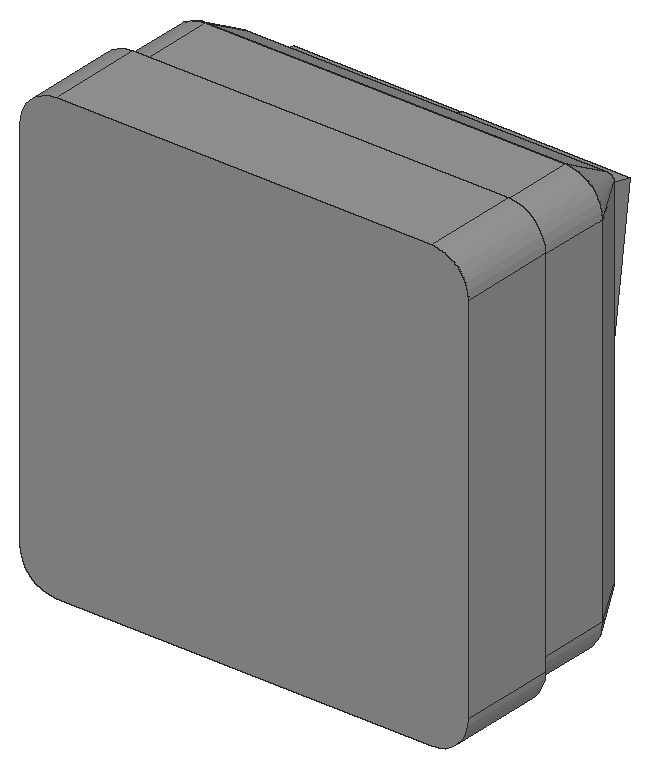
Revit family "IEK_Выключатель_ОткрытойУстановки_С Инд 10А двухклавишный IP20_ОКТАВА", category Выключатели, Revit 2019
Family settings
  Сохранять ориентацию аннотаций = Да
  Размер круглого соединителя = Использовать диаметр
  Тип детали = Переключатель
  На основе рабочей плоскости = Нет
  Всегда вертикально = Да
  При загрузке вырезать с полостями = Нет
  Общий = Нет
  Точка расчета площади = Нет
Parameters (values of type "ВС20-2-1-ОД")
  Ширина = 61 mm  # constant formula
  Тип монтажа = "Поверхность монтажа (открытая установка)"  # constant formula
  Степень защиты = "IP20"  # constant formula
  Изготовитель = "IEK"  # constant formula
  Дата изменения = ""
  Глубина = 37 mm  # constant formula
  Высота = 61 mm  # constant formula
  ΔХ [instance] = 2000 mm
  ΔY [instance] = 2000 mm
  KSI_CPr_Строительные изделия = "20.4.01"  # constant formula
  KSI_CMa_Строительные материалы = "01.7.14.03"  # constant formula
  IEK_Цена за единицу = 191.46
  IEK_Поиск в таблице имен = ""
  IEK_Описание = "Универсальный дизайн серии открытой установки \"ОКТАВА\" позволяет устанавливать изделия в квартирах, загородных домах, офисных и производственных помещениях."
  IEK_URL = "https://www.iek.ru/products/catalog/izdeliya_elektroustanovochnye_udliniteli_i_silovye_razemy/elektroustanovochnye_izdeliya/elektroustanovochnye_izdeliya_otkrytogo_montazha_ip20/elektroustanovochnye_izdeliya_oktava/elektroustanovochnye_izdeliya_oktava_tsvet_dub/vyklyuchatel_2_klavishnyy_dlya_otkrytoy_ustanovki_s_indikatsiey_vs20_2_1_od_10a_oktava_dub_iek"
  ADSK_Ток [instance] = 10 A  # constant formula
  ADSK_Примечание = ""
  ADSK_Полная мощность [instance] = ADSK_Номинальная мощность / ADSK_Коэффициент мощности  # 2200 VA
  ADSK_Позиция [instance] = ""
  ADSK_Номинальная мощность [instance] = ADSK_Ток * ADSK_Напряжение * sqrt(ADSK_Количество фаз числовое) * ADSK_Коэффициент мощности  # 2200 W
  ADSK_Напряжение = 220 V
  ADSK_Наименование = "Выключатель 2-клавишный для открытой установки с индикацией ВС20-2-1-ОД 10А ОКТАВА дуб IEK"
  ADSK_Материал обозначение = ""
  ADSK_Материал наименование = "Пластик"  # constant formula
  ADSK_Материал = Цвет дуб
  ADSK_Масса = 0.059  # constant formula
  ADSK_Марка = "ОКТАВА"  # constant formula
  ADSK_Коэффициент мощности [instance] = 1  # constant formula
  ADSK_Количество фаз числовое = 1
  ADSK_Количество фаз = 1
  ADSK_Код изделия = "EVO21-K04-10-DC"
  ADSK_Классификация нагрузок [instance] = Прочее
  ADSK_Завод-изготовитель = "IEK"  # constant formula
  ADSK_Единица измерения = "шт"  # constant formula
  ADSK_Группирование = "III ЭЛЕКТРОУСТАНОВОЧНЫЕ И ЭЛЕКТРОМОНТАЖНЫЕ ИЗДЕЛИЯ"  # constant formula
  ADSK_Версия семейства = "1.0"  # constant formula
  ADSK_Версия Revit = "2019"  # constant formula
  ADSK_URL страницы изделия = "https://www.iek.ru/products/catalog/izdeliya_elektroustanovochnye_udliniteli_i_silovye_razemy/elektroustanovochnye_izdeliya/elektroustanovochnye_izdeliya_otkrytogo_montazha_ip20/elektroustanovochnye_izdeliya_oktava/?pagec=10"
Types (3, lengths in mm): name | IEK_Цена за единицу | IEK_URL | ADSK_Наименование | ADSK_Материал | ADSK_Код изделия
  (no name) | 191.46 | "https://www.iek.ru/products/catalog/izdeliya_elektroustanovochnye_udliniteli_i_silovye_razemy/elektroustanovochnye_izdeliya/elektroustanovochnye_izdeliya_otkrytogo_montazha_ip20/elektroustanovochnye_izdeliya_oktava/elektroustanovochnye_izdeliya_oktava_tsvet_dub/vyklyuchatel_2_klavishnyy_dlya_otkrytoy_ustanovki_s_indikatsiey_vs20_2_1_od_10a_oktava_dub_iek" | "Выключатель 2-клавишный для открытой установки с индикацией ВС20-2-1-ОД 10А ОКТАВА дуб IEK" | Цвет дуб | "EVO21-K04-10-DC"
  ВС20-2-1-ОБ | 127.08 | "https://www.iek.ru/products/catalog/izdeliya_elektroustanovochnye_udliniteli_i_silovye_razemy/elektroustanovochnye_izdeliya/elektroustanovochnye_izdeliya_otkrytogo_montazha_ip20/elektroustanovochnye_izdeliya_oktava/elektroustanovochnye_izdeliya_oktava_tsvet_belyy/vyklyuchatel_2_klavishnyy_dlya_otkrytoy_ustanovki_s_indikatsiey_vs20_2_1_ob_10a_oktava_belyy_iek" | "Выключатель 2-клавишный для открытой установки с индикацией ВС20-2-1-ОБ 10А ОКТАВА белый IEK" | Цвет белый | "EVO21-K01-10-DC"
  ВС20-2-1-ОД | 191.46 | "https://www.iek.ru/products/catalog/izdeliya_elektroustanovochnye_udliniteli_i_silovye_razemy/elektroustanovochnye_izdeliya/elektroustanovochnye_izdeliya_otkrytogo_montazha_ip20/elektroustanovochnye_izdeliya_oktava/elektroustanovochnye_izdeliya_oktava_tsvet_dub/vyklyuchatel_2_klavishnyy_dlya_otkrytoy_ustanovki_s_indikatsiey_vs20_2_1_od_10a_oktava_dub_iek" | "Выключатель 2-клавишный для открытой установки с индикацией ВС20-2-1-ОД 10А ОКТАВА дуб IEK" | Цвет дуб | "EVO21-K04-10-DC"
Reference planes
  plane 1 "По центру (Вперед/Назад)": y = 0
  plane 2: z = 0
  plane 3 "По центру (Влево/Вправо)": x = 0
  plane 4 "Высота ножек": z = 280
  plane 5 "Высота": z = 2081.496
  plane 6: x = -2000
  plane 7: y = 2000
Forms (mm)
  Extrusion 1, solid, detail levels coarse
    sketch origin (0, 24, 0) x (1, 0, 0) y (0, 1, 0)
      loop
        line (-30.5, -24) -> (30.5, -24) -> (30.5, 13) -> (-30.5, 13) -> (-30.5, -24)
    from 0 to 61
  Extrusion 2, solid, detail levels medium
    sketch origin (0, 24, 0) x (1, 0, 0) y (0, 1, 0)
      loop
        line (-30.5, 13) -> (-30.5, -24) -> (30.5, -24) -> (30.5, 13) -> (-30.5, 13)
    from 0 to 61
  Extrusion 3, solid, material "Цвет дуб" <- "ADSK_Материал", detail levels fine
    sketch origin (0, 0, 30.5) x (1, 0, 0) y (0, 0, -1)
      loop
        line (-30.5, 25.5) -> (-30.5, -25.5)
        arc (-30.5, -25.5) -> (-29.036, -29.036) -> (-25.5, -30.5) r 5
        line (-25.5, -30.5) -> (25.5, -30.5)
        arc (25.5, -30.5) -> (29.036, -29.036) -> (30.5, -25.5) r 5
        line (30.5, -25.5) -> (30.5, 25.5)
        arc (30.5, 25.5) -> (29.036, 29.036) -> (25.5, 30.5) r 5
        line (25.5, 30.5) -> (-25.5, 30.5)
        arc (-25.5, 30.5) -> (-29.036, 29.036) -> (-30.5, 25.5) r 5
    from 0 to 13
  Extrusion 4, solid, material "Цвет дуб" <- "ADSK_Материал", detail levels fine
    sketch origin (0, 0, 30.5) x (1, 0, 0) y (0, 0, -1)
      loop
        line (-29.5, 24.462) -> (-29.5, -24.462)
        arc (-29.5, -24.462) -> (-28.024, -28.024) -> (-24.462, -29.5) r 5.038
        line (-24.462, -29.5) -> (24.505, -29.5)
        arc (24.505, -29.5) -> (28.037, -28.037) -> (29.5, -24.505) r 4.995
        line (29.5, -24.505) -> (29.5, 24.505)
        arc (29.5, 24.505) -> (28.037, 28.037) -> (24.505, 29.5) r 4.995
        line (24.505, 29.5) -> (-24.462, 29.5)
        arc (-24.462, 29.5) -> (-28.024, 28.024) -> (-29.5, 24.462) r 5.038
    from 13 to 24
  Blend 5, solid, material "Цвет дуб" <- "ADSK_Материал", detail levels fine
    base sketch origin (0, 0, 30.5) x (1, 0, 0) y (0, 0, -1)
      loop
        line (-29.5, 24.462) -> (-29.5, -24.462)
        arc (-29.5, -24.462) -> (-28.024, -28.024) -> (-24.462, -29.5) r 5.038
        line (-24.462, -29.5) -> (24.505, -29.5)
        arc (24.505, -29.5) -> (28.037, -28.037) -> (29.5, -24.505) r 4.995
        line (29.5, -24.505) -> (29.5, 24.505)
        arc (29.5, 24.505) -> (28.037, 28.037) -> (24.505, 29.5) r 4.995
        line (24.505, 29.5) -> (-24.462, 29.5)
        arc (-24.462, 29.5) -> (-28.024, 28.024) -> (-29.5, 24.462) r 5.038
    top sketch origin (0, 0, 30.5) x (1, 0, 0) y (0, 0, -1)
      loop
        line (-25.459, 24.5) -> (-25.459, -24.5)
        arc (-25.459, -24.5) -> (-25.178, -25.178) -> (-24.5, -25.459) r 0.959
        line (-24.5, -25.459) -> (24.5, -25.459)
        arc (24.5, -25.459) -> (25.178, -25.178) -> (25.459, -24.5) r 0.959
        line (25.459, -24.5) -> (25.459, 24.5)
        arc (25.459, 24.5) -> (25.178, 25.178) -> (24.5, 25.459) r 0.959
        line (24.5, 25.459) -> (-24.5, 25.459)
        arc (-24.5, 25.459) -> (-25.178, 25.178) -> (-25.459, 24.5) r 0.959
    from 24 to 31
  Extrusion 6, void
    sketch origin (0, 0, 30.5) x (1, 0, 0) y (0, 0, -1)
      loop
        arc (-23.459, -21.459) -> (-22.873, -22.873) -> (-21.459, -23.459) r 2
        line (-21.459, -23.459) -> (21.459, -23.459)
        arc (21.459, -23.459) -> (22.873, -22.873) -> (23.459, -21.459) r 2
        line (23.459, -21.459) -> (23.459, 21.459)
        arc (23.459, 21.459) -> (22.873, 22.873) -> (21.459, 23.459) r 2
        line (21.459, 23.459) -> (-21.459, 23.459)
        arc (-21.459, 23.459) -> (-22.873, 22.873) -> (-23.459, 21.459) r 2
        line (-23.459, 21.459) -> (-23.459, -21.459)
    from 30.5 to 31
  Extrusion 7, solid, material "Цвет дуб" <- "ADSK_Материал", detail levels fine
    sketch origin (0, 0, 30.5) x (0, 0, -1) y (0, 1, 0)
      loop
        line (-23, 30.5) -> (23, 30.5) -> (-21.529, 37) -> (-23, 30.5)
    from 0.1 to 22.8
  Extrusion 8, solid, material "Цвет дуб" <- "ADSK_Материал", detail levels fine
    sketch origin (0, 0, 30.5) x (0, 0, -1) y (0, -1, 0)
      loop
        line (-23, -30.5) -> (-21.529, -37) -> (23, -30.5) -> (-23, -30.5)
    from 0.1 to 22.8
  Extrusion 9, solid, material "Стекло красное", detail levels fine
    sketch origin (9.782, -1.206, 37.459) x (1, 0, 0) y (0, -0.144529, -0.989501)
      loop
        line (2.07, -11.152) -> (-1.93, -11.11)
        arc (-1.93, -11.11) -> (-3.909, -13.089) -> (-1.93, -15.069) r 1.979
        line (-1.93, -15.069) -> (2.07, -15.11)
        arc (2.07, -15.11) -> (4.049, -13.131) -> (2.07, -11.152) r 1.979
    from 35.002 to 35.872
  Extrusion 10, solid, material "Стекло красное", detail levels fine
    sketch origin (-9.782, -1.206, 37.459) x (-1, 0, 0) y (0, 0.144529, 0.989501)
      loop
        arc (2.07, 11.152) -> (4.049, 13.131) -> (2.07, 15.11) r 1.979
        line (2.07, 15.11) -> (-1.93, 15.069)
        arc (-1.93, 15.069) -> (-3.909, 13.089) -> (-1.93, 11.11) r 1.979
        line (-1.93, 11.11) -> (2.07, 11.152)
    from 35.002 to 35.872
Cuts and joins
  Extrusion 6 cuts Blend 5
Lines and regions (mm)
  reference lines
    curve 1: line (0, 44.647, 0) -> (0, -55.353, 0)
    curve 2: line (-23.829, 0, 0) -> (76.171, 0, 0)
Dimensions and locks
  locked: plane 4 "Высота ножек" to plane 2 at 280
  plane 5 "Высота" to plane 4 "Высота ножек" = 1801.496 mm
  "ΔХ": plane 6 to curve 1
  "ΔY": plane 7 to curve 2
  aligned and locked: level to plane 2
  aligned and locked: curve 2 to nested 1
  aligned and locked: nested 1 to curve 1
  aligned and locked: Blend 5 to Extrusion 4
Automatic sketch dimensions
  Extrusion 1 sketch curve to plane 1 "По центру (Вперед/Назад)" = 37 mm
  Extrusion 1 sketch curve to plane 3 "По центру (Влево/Вправо)" = 30.5 mm
  plane 3 "По центру (Влево/Вправо)" to Extrusion 1 sketch curve = 30.5 mm
  plane 1 "По центру (Вперед/Назад)" to Extrusion 1 sketch curve = 0 mm
  Extrusion 2 sketch curve to plane 3 "По центру (Влево/Вправо)" = 30.5 mm
  plane 3 "По центру (Влево/Вправо)" to Extrusion 2 sketch curve = 30.5 mm
  plane 1 "По центру (Вперед/Назад)" to Extrusion 2 sketch curve = 0 mm
  Extrusion 2 sketch curve to plane 1 "По центру (Вперед/Назад)" = 37 mm
  Extrusion 3 sketch curve to level = 0 mm
  level to Extrusion 3 sketch curve = 5 mm  (x2)
  Extrusion 3 sketch curve to plane 3 "По центру (Влево/Вправо)" = 30.5 mm
  Extrusion 3 sketch curve to Extrusion 3 sketch curve = 5 mm
  plane 3 "По центру (Влево/Вправо)" to Extrusion 3 sketch curve = 25.5 mm  (x2)
  Extrusion 3 sketch curve to Extrusion 3 sketch curve = 51 mm
  Extrusion 4 sketch curve to plane 3 "По центру (Влево/Вправо)" = 29.5 mm
  Extrusion 4 sketch curve to Extrusion 4 sketch curve = 5.038 mm  (x2)
  level to Extrusion 4 sketch curve = 1 mm
  plane 3 "По центру (Влево/Вправо)" to Extrusion 4 sketch curve = 24.505 mm  (x2)
  Extrusion 4 sketch curve to Extrusion 4 sketch curve = 4.995 mm
  Extrusion 4 sketch curve to Extrusion 4 sketch curve = 48.925 mm
  Extrusion 4 sketch curve to Extrusion 4 sketch curve = 0 mm  (x2)
  level to Blend 5 sketch curve = 6.038 mm
  Blend 5 sketch curve to plane 3 "По центру (Влево/Вправо)" = 29.5 mm
  Blend 5 sketch curve to Blend 5 sketch curve = 5.038 mm  (x2)
  plane 3 "По центру (Влево/Вправо)" to Blend 5 sketch curve = 24.505 mm  (x2)
  level to Blend 5 sketch curve = 5.995 mm
  Blend 5 sketch curve to Blend 5 sketch curve = 48.925 mm
  level to Blend 5 sketch curve = 6 mm  (x2)
  Blend 5 sketch curve to plane 3 "По центру (Влево/Вправо)" = 25.459 mm
  Blend 5 sketch curve to Blend 5 sketch curve = 0.959 mm  (x2)
  plane 3 "По центру (Влево/Вправо)" to Blend 5 sketch curve = 24.5 mm  (x2)
  Blend 5 sketch curve to Blend 5 sketch curve = 49 mm
  Extrusion 6 sketch curve to plane 3 "По центру (Влево/Вправо)" = 23.459 mm
  Extrusion 6 sketch curve to Extrusion 6 sketch curve = 2 mm  (x3)
  level to Extrusion 6 sketch curve = 7.041 mm
  plane 3 "По центру (Влево/Вправо)" to Extrusion 6 sketch curve = 21.459 mm  (x2)
  Extrusion 6 sketch curve to Extrusion 6 sketch curve = 42.917 mm
  level to Extrusion 7 sketch curve = 53.5 mm
  Extrusion 7 sketch curve to Extrusion 7 sketch curve = 1.471 mm
  level to Extrusion 7 sketch curve = 7.5 mm
  Extrusion 7 sketch curve to plane 1 "По центру (Вперед/Назад)" = 30.5 mm
  Extrusion 7 sketch curve to Extrusion 7 sketch curve = 6.5 mm
  level to Extrusion 8 sketch curve = 53.5 mm
  Extrusion 8 sketch curve to Extrusion 8 sketch curve = 1.471 mm
  level to Extrusion 8 sketch curve = 7.5 mm
  Extrusion 8 sketch curve to plane 1 "По центру (Вперед/Назад)" = 37 mm
  Extrusion 8 sketch curve to plane 1 "По центру (Вперед/Назад)" = 30.5 mm
  plane 3 "По центру (Влево/Вправо)" to Extrusion 9 sketch curve = 7.852 mm
  Extrusion 9 sketch curve to Extrusion 9 sketch curve = 4 mm
  Extrusion 9 sketch curve to Extrusion 9 sketch curve = 0.042 mm
  Extrusion 9 sketch curve to Extrusion 9 sketch curve = 1.979 mm  (x2)
  Extrusion 10 sketch curve to plane 3 "По центру (Влево/Вправо)" = 7.852 mm
  Extrusion 10 sketch curve to Extrusion 10 sketch curve = 4 mm
  Extrusion 10 sketch curve to Extrusion 10 sketch curve = 0.042 mm
  Extrusion 10 sketch curve to Extrusion 10 sketch curve = 1.979 mm  (x2)
  curve 2 to plane 3 "По центру (Влево/Вправо)" = 23.829 mm
  plane 3 "По центру (Влево/Вправо)" to curve 2 = 76.171 mm
  plane 1 "По центру (Вперед/Назад)" to curve 1 = 55.353 mm
  curve 1 to plane 1 "По центру (Вперед/Назад)" = 44.647 mm
Nested families
  nested 1: "УГО Выключателя" at (0, 0, 0), type "2K-O", detail levels coarse+medium
    with IP44 no
Connectors
  electrical at (0, 0, 30.5), driven by "ADSK_Количество фаз", driven by "ADSK_Классификация нагрузок", driven by "ADSK_Напряжение", driven by "ADSK_Полная мощность", driven by "ADSK_Коэффициент мощности"
    settings: on Extrusion 1, index 1, voltage 220 V, apparent load 0 VA, apparent load phase1 2200 VA, apparent load phase2 0 VA, apparent load phase3 0 VA, power factor 1, load classification "Прочее", number of poles 1, system type 31, power factor state 1, is connector primary yes, connector utility no, sub classification motor no, connector description ""
Definition of nested family "УГО Выключателя"
  Parameters (values of type "3K-O")
    IP44 [instance] = no
    3K-C = no
    2K-C = no
    1K-C = no
    3K-O = yes
    2K-O = no
    1K-O = no
  Types (6, lengths in mm): name | 3K-C | 2K-C | 1K-C | 3K-O | 2K-O | 1K-O
    2K-O | no | no | no | no | yes | no
    3K-O | no | no | no | yes | no | no
    2K-C | no | yes | no | no | no | no
    1K-O | no | no | no | no | no | yes
    1K-C | no | no | yes | no | no | no
    3K-C | yes | no | no | no | no | no
  Reference planes
    plane 1: y = 0
    plane 2: x = 0
  Lines and regions (mm)
    Filled region 1, type "Цветовая область 1", visible <- "IP44", not visible
      outline origin (0, 0, 0) x (1, 0, 0) y (0, 1, 0)
        loop
          circle (0, 2.214) r 0.994
    Filled region 2, type "Цветовая область 1", visible <- "IP44", not visible
      outline origin (-1.562, 0, 0) x (1, 0, 0) y (0, 1, 0)
        loop
          circle (11.009, 9.276) r 0.994
    Filled region 3, type "Цветовая область 1", visible <- "IP44", not visible
      outline origin (-1.562, 0, 0) x (1, 0, 0) y (0, 1, 0)
        loop
          circle (23.521, 9.279) r 0.994
    Filled region 4, type "Цветовая область 1", visible <- "IP44", not visible
      outline origin (0, 0, 0) x (1, 0, 0) y (0, 1, 0)
        loop
          circle (28.604, 9.279) r 0.994
    Filled region 5, type "Цветовая область 1", visible <- "IP44", not visible
      outline origin (0, 0, 0) x (1, 0, 0) y (0, 1, 0)
        loop
          circle (32.789, 9.279) r 0.994
    Filled region 6, type "Цветовая область 1", visible <- "IP44"
      outline origin (0, 0, 0) x (1, 0, 0) y (0, 1, 0)
        loop
          circle (0.006, 0.994) r 0.994
    Filled region 7, type "Цветовая область 1", visible <- "IP44"
      outline origin (0, 0, 0) x (1, 0, 0) y (0, 1, 0)
        loop
          circle (0.006, 0.994) r 0.994
    Filled region 8, type "Цветовая область 1", visible <- "IP44"
      outline origin (-1.562, 0, 0) x (1, 0, 0) y (0, 1, 0)
        loop
          circle (1.569, 0.994) r 0.994
    Filled region 9, type "Цветовая область 1", visible <- "IP44"
      outline origin (0, 0, 0) x (1, 0, 0) y (0, 1, 0)
        loop
          circle (0.006, 0.994) r 0.994
    Filled region 10, type "Цветовая область 1", visible <- "IP44", not visible
      outline origin (0, 0, 0) x (1, 0, 0) y (0, 1, 0)
        loop
          circle (15.057, 15.33) r 0.994
    Filled region 11, type "Цветовая область 1", visible <- "IP44"
      outline origin (-1.562, 0, 0) x (1, 0, 0) y (0, 1, 0)
        loop
          circle (1.569, 0.994) r 0.994
    Filled region 12, type "Цветовая область 1", visible <- "IP44"
      outline origin (0, 0, 0) x (1, 0, 0) y (0, 1, 0)
        loop
          circle (0.006, 0.994) r 0.994
    detail lines, visible <- "3K-O", not visible
      curve 1: line (0.86, 2.711, 0) -> (3.031, 3.964, 0)
      curve 2: line (0.639, 2.975, 0) -> (2.25, 4.895, 0)
      curve 3: line (0.323, 3.154, 0) -> (1.139, 5.524, 0)
      curve 4: circle (0, 2.214, 0) r 0.994 normal (0, 0, 1)
      curve 5: line (3.031, 3.964, 0) -> (3.431, 3.272, 0)
      curve 6: line (2.25, 4.895, 0) -> (2.863, 4.381, 0)
      curve 7: line (1.139, 5.524, 0) -> (1.896, 5.263, 0)
    detail lines, visible <- "2K-O", not visible
      curve 8: line (10.196, 9.928, 0) -> (12.088, 11.572, 0)
      curve 9: line (9.928, 10.145, 0) -> (11.143, 12.337, 0)
      curve 10: circle (9.446, 9.276, 0) r 0.994 normal (0, 0, 1)
      curve 11: line (12.088, 11.572, 0) -> (12.613, 10.968, 0)
      curve 12: line (11.143, 12.337, 0) -> (11.843, 11.949, 0)
    detail lines, visible <- "1K-O", not visible
      curve 13: line (15.627, 16.144, 0) -> (17.201, 18.393, 0)
      curve 14: circle (15.057, 15.33, 0) r 0.994 normal (0, 0, 1)
      curve 15: line (17.201, 18.393, 0) -> (17.857, 17.934, 0)
    detail lines, visible <- "3K-C", not visible
      curve 16: line (22.819, 9.775, 0) -> (24.99, 11.029, 0)
      curve 17: line (22.597, 10.04, 0) -> (24.208, 11.96, 0)
      curve 18: line (22.282, 10.218, 0) -> (23.098, 12.588, 0)
      curve 19: circle (21.958, 9.279, 0) r 0.994 normal (0, 0, 1)
      curve 20: line (24.765, 11.418, 0) -> (25.215, 10.639, 0)
      curve 21: line (23.863, 12.249, 0) -> (24.553, 11.67, 0)
      curve 22: line (22.672, 12.734, 0) -> (23.523, 12.441, 0)
    detail lines, visible <- "2K-C", not visible
      curve 23: line (29.354, 9.93, 0) -> (31.246, 11.575, 0)
      curve 24: line (29.086, 10.148, 0) -> (30.301, 12.34, 0)
      curve 25: circle (28.604, 9.279, 0) r 0.994 normal (0, 0, 1)
      curve 26: line (30.951, 11.914, 0) -> (31.541, 11.235, 0)
      curve 27: line (29.908, 12.558, 0) -> (30.695, 12.122, 0)
    detail lines, visible <- "1K-C", not visible
      curve 28: line (33.359, 10.092, 0) -> (34.797, 12.146, 0)
      curve 29: circle (32.789, 9.279, 0) r 0.994 normal (0, 0, 1)
      curve 30: line (34.428, 12.404, 0) -> (35.165, 11.887, 0)
    detail lines
      curve 31: line (0.006, 0, 0) -> (0.006, 2.454, 0)
      curve 32: line (0.006, 0, 0) -> (2.217, 0, 0)
    detail lines, visible <- "1K-C"
      curve 33: line (0.576, 1.808, 0) -> (2.014, 3.861, 0)
      curve 34: circle (0.006, 0.994, 0) r 0.994 normal (0, 0, 1)
      curve 35: line (1.645, 4.119, 0) -> (2.383, 3.603, 0)
    detail lines, visible <- "2K-C"
      curve 36: line (0.756, 1.645, 0) -> (2.648, 3.29, 0)
      curve 37: line (0.488, 1.863, 0) -> (1.703, 4.055, 0)
      curve 38: circle (0.006, 0.994, 0) r 0.994 normal (0, 0, 1)
      curve 39: line (2.353, 3.629, 0) -> (2.943, 2.95, 0)
      curve 40: line (1.31, 4.273, 0) -> (2.097, 3.837, 0)
    detail lines, visible <- "3K-C"
      curve 41: line (0.867, 1.49, 0) -> (3.037, 2.744, 0)
      curve 42: line (0.645, 1.755, 0) -> (2.256, 3.675, 0)
      curve 43: line (0.33, 1.933, 0) -> (1.146, 4.303, 0)
      curve 44: circle (0.006, 0.994, 0) r 0.994 normal (0, 0, 1)
      curve 45: line (2.812, 3.133, 0) -> (3.262, 2.354, 0)
      curve 46: line (1.911, 3.964, 0) -> (2.601, 3.386, 0)
      curve 47: line (0.72, 4.449, 0) -> (1.571, 4.156, 0)
    detail lines, visible <- "1K-O"
      curve 48: line (0.576, 1.808, 0) -> (2.151, 4.056, 0)
      curve 49: circle (0.006, 0.994, 0) r 0.994 normal (0, 0, 1)
      curve 50: line (2.151, 4.056, 0) -> (2.806, 3.597, 0)
    detail lines, visible <- "2K-O"
      curve 51: line (0.756, 1.645, 0) -> (2.648, 3.29, 0)
      curve 52: line (0.488, 1.863, 0) -> (1.703, 4.055, 0)
      curve 53: circle (0.006, 0.994, 0) r 0.994 normal (0, 0, 1)
      curve 54: line (2.648, 3.29, 0) -> (3.173, 2.686, 0)
      curve 55: line (1.703, 4.055, 0) -> (2.403, 3.667, 0)
    detail lines, visible <- "3K-O"
      curve 56: line (0.867, 1.49, 0) -> (3.037, 2.744, 0)
      curve 57: line (0.645, 1.755, 0) -> (2.256, 3.675, 0)
      curve 58: line (0.33, 1.933, 0) -> (1.146, 4.303, 0)
      curve 59: circle (0.006, 0.994, 0) r 0.994 normal (0, 0, 1)
      curve 60: line (3.037, 2.744, 0) -> (3.437, 2.051, 0)
      curve 61: line (2.256, 3.675, 0) -> (2.869, 3.161, 0)
      curve 62: line (1.146, 4.303, 0) -> (1.902, 4.042, 0)
